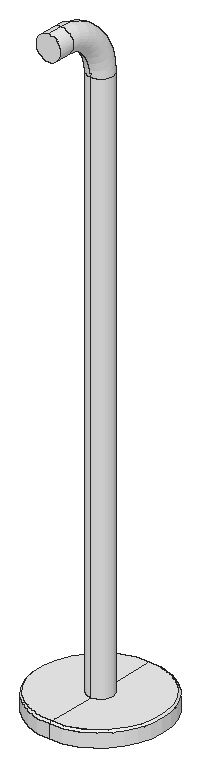
Revit family "Shower_Arm-DXV-Modulus-D35700317_Series", category Plumbing Fixtures, host Face, Revit 2018
Family settings
  Host = Face
  Round Connector Dimension = Use Radius
  Part Type = Normal
  OmniClass Number = 23.45.05.14.17
  OmniClass Title = Showers
  Cut with Voids When Loaded = No
  Shared = Yes
  Room Calculation Point = No
Parameters (values of type "D35700317.100")
  Width = 2 9/16"  # constant formula
  Waste Connection = no
  Warranty Documentation Link = "https://www.dxv.com/-/media/files/dxv/warranty/dxv_warranty_booklet.ashx"
  WFU = 0  # constant formula
  Vent Connection = no
  URL = "www.dxv.com"
  Type Comments = ""
  Tempered Water Connection Radius = 1/4"
  Tempered Water Connection Diameter = Tempered Water Connection Radius * 2  # 1/2"
  Revised Date = "04/05/2021"  # constant formula
  Product Page URL = "https://www.dxv.com/product/dxv-modulus-12-shower-arm"
  Product Documentation Link = "https://dxv01.blob.core.windows.net/dxv-product-pdf-files/spec_D35700317_DXV_Modulus_shw_arm_EN.pdf"
  Price = "Prices may vary. Please consult Manufacturer Representative for most up-to-date price list."  # constant formula
  Model = "D35700317.100"
  Material = "Cast Brass-DXV-100-Polished_Chrome"
  Manufacturer = "DXV"
  Length = 12 5/8"
  Installation Type = "Wall Mounted"  # constant formula
  Height = 2 9/16"  # constant formula
  HWFU = 0  # constant formula
  HW Connection = yes
  Finish = Cast Brass-DXV-100-Polished_Chrome
  Description = "Modulus 12'' Shower Arm"  # constant formula
  Default Elevation = 74"  # constant formula
  Creation Date = "05/08/2018"  # constant formula
  CWFU = 0  # constant formula
  CW Connection = yes
  Assembly Code = "D2010700"
Types (5): name | Model | Material | Finish
  (no name) | "D35700317.100" | "Cast Brass-DXV-100-Polished_Chrome" | Cast Brass-DXV-100-Polished_Chrome
  D35700317.150 | "D35700317.150" | "Cast Brass-DXV-150-Platinum_Nickel" | Cast Brass-DXV-150-Platinum_Nickel
  D35700317.100 | "D35700317.100" | "Cast Brass-DXV-100-Polished_Chrome" | Cast Brass-DXV-100-Polished_Chrome
  D35700317.144 | "D35700317.144" | "Cast Brass-DXV-144-Brushed_Nickel" | Cast Brass-DXV-144-Brushed_Nickel
  D35700317.243 | "D35700317.243" | "Cast Brass-DXV-243-Matte_Black" | Cast Brass-DXV-243-Matte_Black
Reference planes (in)
  plane 1 "Center (Front/Back)": y = 0
  plane 2: z = 0
  plane 3 "Center (Left/Right)": x = 0
  plane 4: z = -0.0625
  plane 5: z = 12.625
  plane 6: y = -1.3125
  plane 7: x = 1.0625
  plane 8: x = -1.0625
  plane 9: z = 0.3125
  plane 10: y = -1.28125
  plane 11: y = 1.28125
Forms (in)
  Extrusion 1, solid, material "Cast Brass-DXV-100-Polished_Chrome" <- "Finish"
    sketch origin (0, 0, -0.0625) x (1, 0, 0) y (0, 1, 0)
      loop
        circle (0, 0) r 0.25
    from 0 to 0.0625
  Sweep 2, solid, material "Cast Brass-DXV-100-Polished_Chrome" <- "Finish"
    path origin (0, 0, 0) x (0, 1, 0) y (0, 0, 1)
      loop
        line (0, 0.3125) -> (0, 11.625)
        arc (0, 11.625) -> (-0.29289, 12.33211) -> (-1, 12.625) r 1
        line (-1, 12.625) -> (-1.3125, 12.625)
    profile origin (0, 0, 5.96875) x (0, -1, 0) y (1, 0, 0)
      loop
        circle (0, 0) r 0.25
  Revolve 3, solid, material "Cast Brass-DXV-100-Polished_Chrome" <- "Finish"
    sketch origin (0, 0, 0) x (0, 1, 0) y (0, 0, 1)
      loop
        line (0, 0.3125) -> (0, 0) -> (1.28125, 0) -> (1.28125, 0.27493) -> (1.24368, 0.3125) -> (0, 0.3125)
      axis (0, 0) -> (0, 0.3125)
    angle from 0 to 360
Cuts and joins
  joined: Sweep 2, Revolve 3
Lines and regions (in)
  Masking region 1
    outline origin (0, 0, 0) x (1, 0, 0) y (0, 1, 0)
      loop
        arc (0.25, -1.03267) -> (0, 1.0625) -> (-0.25, -1.03267) r 1.0625
        line (-0.25, -1.03267) -> (-0.25, -1.3125) -> (0.25, -1.3125) -> (0.25, -1.03267)
  Masking region 2
    outline origin (0, 0, 0) x (1, 0, 0) y (0, 0, 1)
      loop
        line (-1.24368, 0.3125) -> (-1.28125, 0.27493) -> (-1.28125, 0) -> (1.28125, 0) -> (1.28125, 0.27493) -> (1.24368, 0.3125) -> (0.25, 0.3125) -> (0.25, 12.625)
        arc (0.25, 12.625) -> (0, 12.875) -> (-0.25, 12.625) r 0.25
        line (-0.25, 12.625) -> (-0.25, 0.3125) -> (-1.24368, 0.3125)
  symbolic lines, style "PlumbingFixtures"
    curve 1: line (0.25, -1.3125, 0) -> (0.25, -1.03267, 0)
    curve 2: arc (0.25, -1.03267, 0) -> (0, 1.0625, 0) -> (-0.25, -1.03267, 0) r 1.0625
    curve 3: line (-0.25, -1.03267, 0) -> (-0.25, -1.3125, 0)
    curve 4: line (-0.25, -1.3125, 0) -> (0.25, -1.3125, 0)
  symbolic lines, style "PlumbingFixtures", detail levels medium+fine
    curve 5: line (-0.25, -1.03267, 0) -> (-0.25, 0, 0)
    curve 6: line (0.25, 0, 0) -> (0.25, -1.03267, 0)
    curve 7: arc (-0.25, 0, 0) -> (0, 0.25, 0) -> (0.25, 0, 0) r 0.25
    curve 8: line (-0.25, 0, 0.3125) -> (0.25, 0, 0.3125)
  symbolic lines, detail levels fine
    curve 9: line (1.28125, 0, 0.27493) -> (-1.28125, 0, 0.27493)
Dimensions and locks (in)
  plane 1 "Center (Front/Back)" to plane 6 = 1 5/16"
  locked: plane 8 to plane 7 at 2.125
  "Length": plane 5 to host face
  plane 9 to host face = 5/16"
  equal spacing: plane 11, plane 1 "Center (Front/Back)", plane 10
  plane 11 to plane 10 = 2 9/16"
  aligned and locked: plane 2 to host face
  aligned and locked: level to host face
  aligned and locked: plane 5 to Sweep 2 sketch curve  (x2)
  aligned and locked: plane 1 "Center (Front/Back)" to Sweep 2 sketch curve  (x2)
  aligned and locked: plane 9 to Sweep 2 sketch curve
Automatic sketch dimensions
  curve 2 to curve 7 = 0"  (x2)
  plane 6 to curve 4 = 0"
  plane 1 "Center (Front/Back)" to curve 5 = 0"
  curve 2 to plane 3 "Center (Left/Right)" = 0"
  curve 3 to plane 3 "Center (Left/Right)" = 1/4"
  host sketch curve to host sketch curve = 96"  (x2)
  plane 1 "Center (Front/Back)" to Extrusion 1 sketch curve = 0"
  Extrusion 1 sketch curve to plane 3 "Center (Left/Right)" = 0"
  Sweep 2 sketch curve to plane 6 = 0"
  Sweep 2 sketch curve to plane 3 "Center (Left/Right)" = 0"
  Sweep 2 sketch curve to profile plane = 0"
  plane 6 to Masking region 1 sketch curve = 0"
  plane 1 "Center (Front/Back)" to Masking region 1 sketch curve = 0"
  Masking region 1 sketch curve to plane 3 "Center (Left/Right)" = 0"
  Masking region 1 sketch curve to plane 3 "Center (Left/Right)" = 1/4"
  plane 3 "Center (Left/Right)" to Masking region 1 sketch curve = 1/4"
  curve 3 to plane 10 = 0.24858"
  Sweep 2 sketch curve to plane 10 = 9/32"
  Masking region 1 sketch curve to plane 10 = 0.24858"
  Revolve 3 sketch curve to plane 1 "Center (Front/Back)" = 0"  (x2)
  Revolve 3 sketch curve to plane 9 = 0"
  Revolve 3 sketch curve to level = 0"
  Revolve 3 sketch curve to plane 11 = 0"
  Revolve 3 sketch curve to plane 11 = 0.03757"
  Revolve 3 sketch curve to plane 9 = 0.03757"
  Revolve 3 sketch curve to Revolve 3 sketch curve = 0.23254"
  Revolve 3 sketch curve to Revolve 3 sketch curve = 0.07623"
  Masking region 2 sketch curve to level = 0"
  Masking region 2 sketch curve to plane 9 = 0"  (x2)
  Masking region 2 sketch curve to plane 5 = 0"
  Masking region 2 sketch curve to plane 3 "Center (Left/Right)" = 0"
  Masking region 2 sketch curve to plane 3 "Center (Left/Right)" = 1/4"
  Masking region 2 sketch curve to plane 9 = 0.03757"  (x2)
  Masking region 2 sketch curve to Masking region 2 sketch curve = 0.03757"  (x2)
  plane 8 to Masking region 2 sketch curve = 0.18118"
  plane 7 to Masking region 2 sketch curve = 0.18118"
  curve 8 to plane 9 = 0"
  curve 9 to plane 9 = 0.03757"
  plane 8 to curve 9 = 7/32"
  curve 8 to plane 3 "Center (Left/Right)" = 1/4"
  plane 3 "Center (Left/Right)" to curve 8 = 1/4"
  plane 7 to curve 9 = 7/32"
  radius of Extrusion 1 sketch curve = 1/4"
  radius of Sweep 2 sketch curve = 1/4"
Connectors (in)
  piping at (0, 0, -0.0625), diameter 0.5, driven by "HWFU", driven by "Tempered Water Connection Radius"
    settings: on Extrusion 1, index 1, connector inside diameter 1/2", connector length 0", flow factor 0, pipe flow 0 GPM, pressure drop 0.00 psi, fitting loss kfactor 0, connector angle 0.00°, fixture units 0, engagement length 0", angle of deflection 0.00°, flow configuration 3, flow direction 1, fitting loss method 0, system type 29, joint type 0, gender type 0, connector reference index -1, connector utility 0, adjustable connector no, is connector primary yes, connector description "1/2\" - 14 NPT Supply Inlet"
